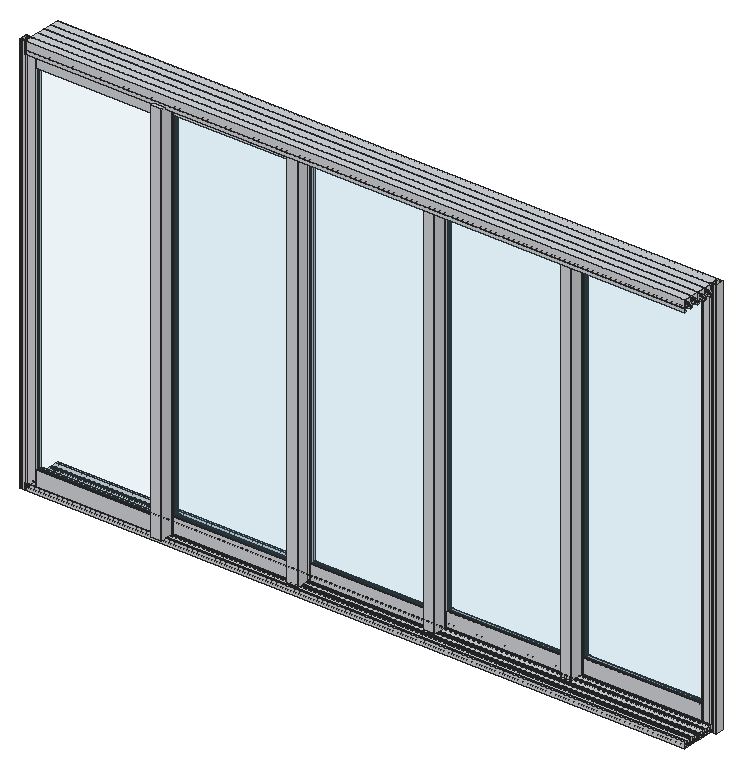
Revit family "MT-HB_SLIDING DOOR_XXXXX", category Doors, host Wall, Revit 2017 (continued)
Definition of nested family "DETAIL_HB_SILL FRAME_3 PANELS"
  Lines and regions (mm)
    detail lines, in view "Ref. Level"
      curve 605: arc (118.96, 44.8, 0) -> (118.901, 44.941, 0) -> (118.76, 45, 0) r 0.2
      curve 606: arc (122.159, 45, 0) -> (122.018, 44.941, 0) -> (121.959, 44.8, 0) r 0.2
      curve 607: arc (126.959, 44.8, 0) -> (126.9, 44.941, 0) -> (126.759, 45, 0) r 0.2
      curve 608: arc (130.158, 45, 0) -> (130.017, 44.941, 0) -> (129.958, 44.8, 0) r 0.2
      curve 609: arc (134.957, 44.8, 0) -> (134.899, 44.941, 0) -> (134.757, 45, 0) r 0.2
      curve 610: arc (138.157, 45, 0) -> (138.016, 44.941, 0) -> (137.957, 44.8, 0) r 0.2
      curve 611: line (141.659, 44.6, 0) -> (141.659, 42.55, 0)
      curve 612: line (140.659, 42.55, 0) -> (140.659, 43.5, 0)
      curve 613: line (140.659, 43.5, 0) -> (139.359, 43.5, 0)
      curve 614: line (139.359, 43.5, 0) -> (139.359, 36, 0)
      curve 615: line (139.359, 36, 0) -> (140.659, 36, 0)
      curve 616: line (140.659, 36, 0) -> (140.659, 36.95, 0)
      curve 617: line (141.659, 36.95, 0) -> (141.659, 35.5, 0)
      curve 618: line (140.659, 34.5, 0) -> (139.759, 34.5, 0)
      curve 619: line (139.259, 34, 0) -> (139.259, 20.774, 0)
      curve 620: line (138.907, 20.479, 0) -> (137.646, 20.701, 0)
      curve 621: line (137.47, 20.645, 0) -> (136.245, 19.42, 0)
      curve 622: line (136.245, 19.42, 0) -> (136.186, 17.75, 0)
      curve 623: line (136.688, 16.05, 0) -> (135.986, 16.05, 0)
      curve 624: line (134.986, 17.05, 0) -> (134.986, 19.445, 0)
      curve 625: line (135.279, 20.152, 0) -> (137.8, 22.673, 0)
      curve 626: line (137.8, 22.673, 0) -> (137.859, 42, 0)
      curve 627: line (136.859, 43, 0) -> (127.349, 43, 0)
      curve 628: line (126.829, 42.7, 0) -> (125.649, 42.7, 0)
      curve 629: line (125.049, 43.3, 0) -> (123.869, 43.3, 0)
      curve 630: line (123.349, 43, 0) -> (112.059, 43, 0)
      curve 631: line (111.059, 42, 0) -> (111.059, 16, 0)
      curve 632: line (110.059, 15, 0) -> (107.029, 15, 0)
      curve 633: line (107.029, 16.4, 0) -> (109.159, 16.4, 0)
      curve 634: line (109.659, 16.9, 0) -> (109.659, 34, 0)
      curve 635: line (109.159, 34.5, 0) -> (108.259, 34.5, 0)
      curve 636: line (107.259, 35.5, 0) -> (107.259, 36.95, 0)
      curve 637: line (108.259, 36.95, 0) -> (108.259, 36, 0)
      curve 638: line (108.259, 36, 0) -> (109.559, 36, 0)
      curve 639: line (109.559, 36, 0) -> (109.559, 43.5, 0)
      curve 640: line (109.559, 43.5, 0) -> (108.259, 43.5, 0)
      curve 641: line (108.259, 43.5, 0) -> (108.259, 42.55, 0)
      curve 642: line (107.259, 42.55, 0) -> (107.259, 44.6, 0)
      curve 643: line (107.659, 45, 0) -> (110.761, 45, 0)
      curve 644: line (110.961, 44.8, 0) -> (110.961, 44.5, 0)
      curve 645: line (110.961, 44.5, 0) -> (113.961, 44.5, 0)
      curve 646: line (113.961, 44.5, 0) -> (113.961, 44.8, 0)
      curve 647: line (114.161, 45, 0) -> (118.76, 45, 0)
      curve 648: line (118.96, 44.8, 0) -> (118.96, 44.5, 0)
      curve 649: line (118.96, 44.5, 0) -> (121.959, 44.5, 0)
      curve 650: line (121.959, 44.5, 0) -> (121.959, 44.8, 0)
      curve 651: line (122.159, 45, 0) -> (126.759, 45, 0)
      curve 652: line (126.959, 44.8, 0) -> (126.959, 44.5, 0)
      curve 653: line (126.959, 44.5, 0) -> (129.958, 44.5, 0)
      curve 654: line (129.958, 44.5, 0) -> (129.958, 44.8, 0)
      curve 655: line (130.158, 45, 0) -> (134.757, 45, 0)
      curve 656: line (134.957, 44.8, 0) -> (134.957, 44.5, 0)
      curve 657: line (134.957, 44.5, 0) -> (137.957, 44.5, 0)
      curve 658: line (137.957, 44.5, 0) -> (137.957, 44.8, 0)
      curve 659: line (138.157, 45, 0) -> (141.259, 45, 0)
Types (2, lengths in mm): name | Width | TOP PANEL POSITION | Rough Width | Rough Height | PANEL WIDTH | PANEL HEIGHT | OVERALL FRAME WIDTH | OVERALL FRAME HEIGHT | Height | DOUBLE GLAZED | AIR POCKET | A | 2L/2R | 1L1R
  XXXXX | 5500 | 2874 | 5000 | 3000 | 1045.4 | 2890 | 5000 | 3000 | 3000 | no | 8 | 75 | yes | no
  1L1R | 2000 | 1974 | 2000 | 2100 | 445.4 | 1990 | 2000 | 2100 | 2100 | yes | 5 | 168.75 | no | yes
